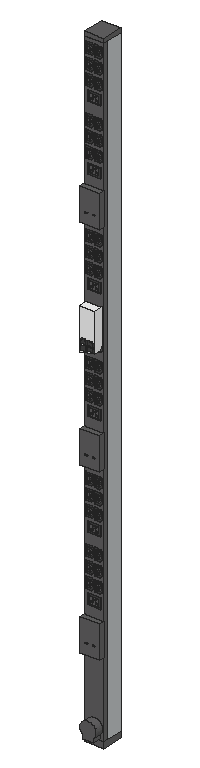
Revit family "PDU medido 0U", category Installations électriques, Revit 2020 (continued)
Definition of nested family "Metered PDU_Prises"
  Definition of nested family "Module A"
    Automatic sketch dimensions
      Extrusion 1 sketch curve to Extrusion 1 sketch curve = 0.264 mm
      Extrusion 1 to curve 1 = 3.249 mm
      Extrusion 1 to curve 1 = 32.408 mm
      curve 5 to curve 9 = 15.409 mm
      Extrusion 1 to curve 7 = 4.646 mm
      curve 1 to curve 7 = 15.409 mm
      curve 9 to curve 14 = 9.493 mm
      curve 7 to curve 13 = 9.493 mm
      curve 10 to curve 12 = 1.778 mm
      curve 14 to curve 17 = 1.778 mm
      curve 16 to curve 3 = 4.783 mm
      curve 1 to curve 6 = 1.577 mm
      curve 2 to curve 11 = 6.678 mm
      curve 10 to curve 13 = 5.334 mm
      curve 10 to curve 9 = 8.741 mm
      curve 8 to curve 14 = 5.106 mm
      curve 15 to curve 16 = 5.334 mm
      curve 1 to curve 6 = 1.566 mm
      curve 5 to curve 8 = 1.566 mm
      curve 7 to curve 8 = 3.535 mm
      curve 5 to curve 15 = 6.778 mm
      Extrusion 1 to curve 9 = 4.826 mm
      Extrusion 1 sketch curve to Extrusion 1 sketch curve = 86.676 mm
      Extrusion 1 to Extrusion 2 sketch curve = 9.747 mm
      Extrusion 1 to Extrusion 2 sketch curve = 29.367 mm
      Extrusion 2 sketch curve to Extrusion 2 sketch curve = 0 mm
      Extrusion 2 sketch curve to Extrusion 2 sketch curve = 1.778 mm  (x2)
      Extrusion 2 sketch curve to Extrusion 2 sketch curve = 5.334 mm  (x2)
      Extrusion 2 sketch curve to Extrusion 2 sketch curve = 13.848 mm
  Definition of nested family "Module C"
    Parameters (values of type "Module D")
      Largeur = 44.3 mm
      Default Elevation = 0 mm
    Reference planes
      plane 1 "Centre (avant/arrière)": y = 0
      plane 2: z = 0
      plane 3 "Centre (gauche/droite)": x = 0
      plane 4: x = -22.15
      plane 5: x = 22.15
      plane 6: x = 26
      plane 7: x = -26
      plane 8: z = 86.717
      plane 9: z = 23.202
      plane 10: z = 39.033
      plane 11: z = 52.875
      plane 12: z = 27.753
      plane 13: z = 29.531
      plane 14: z = 54.665
    Forms (mm)
      Extrusion 1, solid
        sketch origin (0, 0, 5.691) x (0, 1, 0) y (0, 0, 1)
          loop
            line (-15.1, 80.762) -> (-15.1, -5.428) -> (0, -5.691) -> (0, 81.026) -> (-15.1, 80.762)
        from -26 to 26
      Extrusion 2, solid
        sketch origin (4.012, -15.1, 94.848) x (0, 0, -1) y (1, 0, 0)
          loop
            line (65.318, -16.253) -> (67.095, -16.253) -> (67.095, -10.919) -> (65.318, -10.919) -> (65.318, -16.253)
          loop
            line (65.318, 2.928) -> (67.095, 2.928) -> (67.095, 8.262) -> (65.318, 8.262) -> (65.318, 2.928)
        from -0.7 to 0.3
    Lines and regions (mm)
      model lines
        curve 1: line (-19.081, -15.1, 54.665) -> (19.081, -15.1, 54.665)
        curve 2: line (-19.081, -15.1, 23.202) -> (-19.081, -15.1, 54.665)
        curve 3: line (19.081, -15.1, 23.202) -> (-19.081, -15.1, 23.202)
        curve 4: line (0, -15.1, 54.665) -> (0, -15.1, 23.202)
        curve 5: line (-16.892, -15.1, 52.875) -> (-16.892, -15.1, 39.033)
        curve 6: line (-1.892, -15.1, 39.033) -> (-16.892, -15.1, 39.033)
        curve 7: line (19.081, -15.1, 23.202) -> (19.081, -15.1, 54.665)
        curve 8: line (2.189, -15.1, 52.875) -> (2.189, -15.1, 39.033)
        curve 9: line (17.189, -15.1, 39.033) -> (2.189, -15.1, 39.033)
    Dimensions and locks
      equal spacing: plane 6, plane 3 "Centre (gauche/droite)", plane 7
      plane 7 to plane 6 = 52 mm
      aligned and locked: level to plane 2
      aligned and locked: Extrusion 1 to plane 6
      aligned and locked: Extrusion 1 to plane 7
    Automatic sketch dimensions
      Extrusion 1 sketch curve to plane 1 "Centre (avant/arrière)" = 0 mm
      level to Extrusion 1 sketch curve = 0 mm
      plane 1 "Centre (avant/arrière)" to Extrusion 1 sketch curve = 15.1 mm
      level to Extrusion 1 sketch curve = 0.264 mm
      Extrusion 1 sketch curve to Extrusion 1 sketch curve = 0.264 mm
      Extrusion 1 sketch curve to Extrusion 1 sketch curve = 86.19 mm
      Extrusion 1 to Extrusion 2 sketch curve = 13.759 mm
      Extrusion 1 to Extrusion 2 sketch curve = 29.267 mm
      Extrusion 2 sketch curve to Extrusion 2 sketch curve = 0 mm
      Extrusion 2 sketch curve to Extrusion 2 sketch curve = 1.778 mm  (x2)
      Extrusion 2 sketch curve to Extrusion 2 sketch curve = 5.334 mm  (x2)
      Extrusion 2 sketch curve to Extrusion 2 sketch curve = 13.848 mm
      Extrusion 1 to curve 1 = 6.919 mm
      Extrusion 1 to curve 1 = 31.789 mm
      curve 4 to curve 8 = 15.632 mm
      curve 1 to curve 5 = 15.632 mm
      Extrusion 1 to curve 3 = 6.919 mm
      curve 5 to curve 3 = 15.831 mm
      Extrusion 1 to curve 5 = 9.108 mm
      curve 5 to curve 8 = 19.081 mm
      curve 4 to curve 8 = 1.789 mm
      curve 1 to curve 5 = 1.789 mm
      curve 6 to curve 8 = 4.081 mm
      curve 4 to curve 8 = 2.189 mm
      Extrusion 1 to curve 9 = 8.811 mm
Definition of nested family "Alimentation"
  Parameters (values of type "Prise rectangulaire")
    Prise rotative = no
    Prise rectangulaire = yes
    Default Elevation = 0 mm
  Types (2, lengths in mm): name | Prise rotative | Prise rectangulaire
    Prise rotative | yes | no
    Prise rectangulaire | no | yes
  Reference planes
    plane 1 "Centre (avant/arrière)": y = 0
    plane 2: z = 0
    plane 3 "Centre (gauche/droite)": x = 0
    plane 4: x = -22.15
    plane 5: x = 22.15
  Forms (mm)
    Extrusion 1, solid, visible <- "Prise rectangulaire", detail levels fine
      sketch origin (0, 0, 0) x (1, 0, 0) y (0, 0, 1)
        loop
          line (-14.8, 50.167) -> (-14.8, 28.667) -> (14.8, 28.667) -> (14.8, 50.167) -> (-14.8, 50.167)
        loop
          line (3.95, 36.417) -> (3.95, 34.417) -> (8.95, 34.417) -> (8.95, 36.417) -> (3.95, 36.417)
        loop
          line (-3.05, 44.417) -> (-3.05, 42.417) -> (2.95, 42.417) -> (2.95, 44.417) -> (-3.05, 44.417)
        loop
          line (-3.95, 36.417) -> (-8.95, 36.417) -> (-8.95, 34.417) -> (-3.95, 34.417) -> (-3.95, 36.417)
      from 0 to 1
    Extrusion 2, solid, visible <- "Prise rotative"
      sketch origin (0, 0, 0) x (1, 0, 0) y (0, 0, 1)
        loop
          arc (14.384, 28.145) -> (0, 65.582) -> (-14.384, 28.145) r 21.482
          line (-14.384, 28.145) -> (-14.384, 18.1) -> (14.384, 18.1) -> (14.384, 28.145)
      from 0 to 21.1
  Lines and regions (mm)
    model lines, visible <- "Prise rectangulaire", detail levels fine
      curve 1: line (-18.15, 0, 52.917) -> (18.15, 0, 52.917)
      curve 2: line (-18.15, 0, 25.917) -> (-18.15, 0, 52.917)
      curve 3: line (-18.15, 0, 25.917) -> (18.15, 0, 25.917)
      curve 4: line (18.15, 0, 25.917) -> (18.15, 0, 52.917)
    model lines, visible <- "Prise rotative", detail levels fine
      curve 5: arc (11.549, -21.1, 29.46) -> (0, -21.1, 62.746) -> (-11.549, -21.1, 29.46) r 18.646
      curve 6: line (-11.549, -21.1, 29.46) -> (-11.549, -21.1, 18.1)
      curve 7: line (11.549, -21.1, 29.46) -> (11.549, -21.1, 18.1)
  Dimensions and locks
    plane 5 to plane 3 "Centre (gauche/droite)" to plane 4 = 22.15 mm, 22.15 mm
    plane 5 to plane 4 = 44.3 mm
    aligned and locked: level to plane 2
Definition of nested family "Base_Node"
  Parameters (values of type "Base HD")
    Node = no
    Default Elevation = 0 mm
    Base = yes
  Types (2, lengths in mm): name | Node | Base
    Base HD | no | yes
    Node HD | yes | no
  Reference planes
    plane 1 "Centre (avant/arrière)": y = 0
    plane 2: z = 0
    plane 3 "Centre (gauche/droite)": x = 0
    plane 4: x = -22.15
    plane 5: x = 22.15
    plane 6: x = 26
    plane 7: x = -26
    plane 8: z = 132
    plane 9: z = 125.964
    plane 10: z = 11.589
    plane 11: z = 21.233
    plane 12: z = 52.346
    plane 13: z = 68.828
    plane 14: z = 60.293
    plane 15: x = -20.475
    plane 16: x = 20.487
    plane 17: z = 71.128
    plane 18: z = 6.647
  Forms (mm)
    Extrusion 1, solid, visible <- "Node"
      sketch origin (0, 0, -1.235) x (1, 0, 0) y (0, 0, 1)
        loop
          line (-20.475, 125.964) -> (-20.475, 14.024) -> (20.488, 23.668) -> (20.487, 125.964) -> (-20.475, 125.964)
      from 0 to 24.5
    Extrusion 2, solid, visible <- "Node", detail levels fine
      sketch origin (-1.862, 0, -883.582) x (1, 0, 0) y (0, 0, 1)
        loop
          line (-14.958, 929.905) -> (-14.958, 921.277) -> (0.405, 921.277) -> (0.405, 929.905) -> (-3.595, 929.905) -> (-3.595, 933.74) -> (-10.958, 933.74) -> (-10.958, 929.905) -> (-14.958, 929.905)
        loop
          line (18.682, 929.905) -> (14.682, 929.905) -> (14.682, 933.74) -> (7.319, 933.74) -> (7.319, 929.905) -> (3.319, 929.905) -> (3.319, 921.277) -> (18.682, 921.277) -> (18.682, 929.905)
        loop
          line (-14.958, 917.057) -> (-14.958, 904.057) -> (-1.497, 904.057) -> (-1.497, 917.057) -> (-14.958, 917.057)
        loop
          line (3.319, 917.057) -> (3.319, 909.005) -> (18.682, 909.005) -> (18.682, 917.057) -> (3.319, 917.057)
      from 24.5 to 25.5
    Extrusion 3, solid, visible <- "Base", detail levels fine
      sketch origin (-1.868, 24.5, -874.832) x (1, 0, 0) y (0, 0, 1)
        loop
          line (-14.958, 929.905) -> (-14.958, 921.277) -> (0.405, 921.277) -> (0.405, 929.905) -> (-3.595, 929.905) -> (-3.595, 933.74) -> (-10.958, 933.74) -> (-10.958, 929.905) -> (-14.958, 929.905)
        loop
          line (18.682, 929.905) -> (14.682, 929.905) -> (14.682, 933.74) -> (7.319, 933.74) -> (7.319, 929.905) -> (3.319, 929.905) -> (3.319, 921.277) -> (18.682, 921.277) -> (18.682, 929.905)
        loop
          line (-4.848, 974.005) -> (-4.848, 957.988) -> (8.585, 957.988) -> (8.585, 974.005) -> (-4.848, 974.005)
      from 24.5 to 25.5
    Sweep 4, solid, detail levels fine
      path origin (0, -24.5, 3.191) x (1, 0, 0) y (0, 0, 1)
        loop
          line (-50.389, 4.547) -> (47.662, 27.63)
      profile origin (-1.363, -24.5, 19.28) x (-0.229156, 0, 0.97339) y (0, -1, 0)
        loop
          line (1.947, -18.498) -> (-1.938, -18.498)
          spline (-1.938, -18.498) -> (-1.987, -19.281) -> (-2.139, -20.051) -> (-2.39, -20.794) -> (-2.736, -21.499) -> (-3.17, -22.151) -> (-3.687, -22.742) -> (-4.277, -23.259) -> (-4.929, -23.696) -> (-5.633, -24.043) -> (-6.376, -24.295) -> (-7.146, -24.448) -> (-7.93, -24.5)
          line (-7.93, -24.5) -> (7.959, -24.5)
          spline (7.959, -24.5) -> (7.175, -24.449) -> (6.405, -24.295) -> (5.661, -24.043) -> (4.957, -23.696) -> (4.303, -23.259) -> (3.712, -22.742) -> (3.194, -22.151) -> (2.756, -21.499) -> (2.408, -20.794) -> (2.154, -20.051) -> (2, -19.281) -> (1.947, -18.498)
    Extrusion 5, void
      sketch origin (0, -24.5, -1.235) x (-1, 0, 0) y (0, 0, 1)
        loop
          line (55.039, 30.337) -> (20.575, 30.337) -> (20.575, -10.064) -> (55.039, -10.064) -> (55.039, 30.337)
        loop
          line (-20.587, 45.323) -> (-52.15, 45.323) -> (-52.15, 8.339) -> (-20.587, 8.339) -> (-20.587, 45.323)
      from 0 to 250
  Cuts and joins
    Extrusion 5 cuts Sweep 4
  Lines and regions (mm)
    Split face 1
      outline origin (0, -24.5, -1.235) x (1, 0, 0) y (0, 0, 1)
        loop
          line (-20.475, 68.828) -> (20.488, 68.828)
    Split face 2
      outline origin (0, -24.5, -1.235) x (1, 0, 0) y (0, 0, 1)
        loop
          line (-14.524, 119.945) -> (-14.524, 83.845) -> (14.476, 83.845) -> (14.476, 119.945) -> (-14.524, 119.945)
    model lines, detail levels fine
      curve 1: line (-20.475, 0, 125.964) -> (20.487, 0, 125.964)
      curve 2: line (-20.475, 0, 2.889) -> (-20.475, 0, 125.964)
      curve 3: line (20.487, 0, 125.964) -> (20.487, 0, 2.889)
      curve 4: line (20.487, 0, 2.889) -> (-20.475, 0, 2.889)
  Dimensions and locks
    equal spacing: plane 5, plane 3 "Centre (gauche/droite)", plane 4
    locked: plane 5 to plane 4 at 44.3
    equal spacing: plane 6, plane 3 "Centre (gauche/droite)", plane 7
    plane 7 to plane 6 = 52 mm
    plane 8 to plane 2 = 132 mm
    aligned and locked: level to plane 2
    aligned and locked: plane 16 to Extrusion 1
    aligned and locked: Extrusion 1 to plane 15
  Automatic sketch dimensions
    Extrusion 1 sketch curve to plane 9 = 1.235 mm
    plane 15 to Extrusion 2 sketch curve = 3.655 mm  (x2)
    Extrusion 2 sketch curve to plane 11 = 0.758 mm
    Extrusion 2 sketch curve to Extrusion 2 sketch curve = 4 mm
    Extrusion 2 sketch curve to plane 12 = 2.188 mm
    Extrusion 2 sketch curve to plane 3 "Centre (gauche/droite)" = 5.457 mm
    Extrusion 2 sketch curve to plane 3 "Centre (gauche/droite)" = 3.359 mm
    Extrusion 2 sketch curve to plane 3 "Centre (gauche/droite)" = 1.457 mm
    plane 3 "Centre (gauche/droite)" to Extrusion 2 sketch curve = 1.457 mm  (x2)
    Extrusion 2 sketch curve to plane 12 = 2.187 mm
    plane 3 "Centre (gauche/droite)" to Extrusion 2 sketch curve = 5.457 mm
    Extrusion 2 sketch curve to Extrusion 2 sketch curve = 7.362 mm
    Extrusion 2 sketch curve to plane 16 = 3.668 mm  (x2)
    plane 11 to Extrusion 2 sketch curve = 4.191 mm
    Extrusion 2 sketch curve to Extrusion 2 sketch curve = 8.052 mm
    Extrusion 2 sketch curve to Extrusion 2 sketch curve = 0 mm  (x2)
    Extrusion 2 sketch curve to Extrusion 2 sketch curve = 4.22 mm  (x2)
    Extrusion 2 sketch curve to Extrusion 2 sketch curve = 3.835 mm  (x3)
    Extrusion 1 to Split face 1 sketch curve = 0 mm
    Split face 1 sketch curve to Extrusion 1 = 0 mm
    Split face 1 sketch curve to Extrusion 1 = 57.137 mm
    plane 15 to Extrusion 3 sketch curve = 3.649 mm
    Extrusion 3 sketch curve to Extrusion 3 sketch curve = 4 mm
    Extrusion 3 sketch curve to plane 3 "Centre (gauche/droite)" = 6.716 mm
    Extrusion 3 sketch curve to plane 14 = 1.385 mm  (x2)
    Extrusion 3 sketch curve to plane 3 "Centre (gauche/droite)" = 5.463 mm
    Extrusion 3 sketch curve to plane 3 "Centre (gauche/droite)" = 1.463 mm
    plane 3 "Centre (gauche/droite)" to Extrusion 3 sketch curve = 1.451 mm
    plane 3 "Centre (gauche/droite)" to Extrusion 3 sketch curve = 5.451 mm
    plane 3 "Centre (gauche/droite)" to Extrusion 3 sketch curve = 6.716 mm
    Extrusion 3 sketch curve to Extrusion 3 sketch curve = 7.362 mm
    Extrusion 3 sketch curve to plane 16 = 3.674 mm
    plane 12 to Extrusion 3 sketch curve = 2.728 mm  (x4)
    Extrusion 3 sketch curve to plane 12 = 5.9 mm
    Extrusion 3 sketch curve to Extrusion 3 sketch curve = 0 mm
    Extrusion 3 sketch curve to plane 17 = 12.028 mm
    Extrusion 3 sketch curve to Extrusion 3 sketch curve = 16.017 mm
    Extrusion 1 to Sweep 4 sketch curve = 29.914 mm
    Extrusion 1 to Sweep 4 sketch curve = 27.175 mm
    Extrusion 5 sketch curve to Extrusion 1 = 31.662 mm
    Extrusion 5 sketch curve to Extrusion 1 = 0.1 mm  (x2)
    Extrusion 5 sketch curve to Extrusion 5 sketch curve = 34.464 mm
    Extrusion 1 to Extrusion 5 sketch curve = 136.028 mm
    Extrusion 5 sketch curve to Extrusion 5 sketch curve = 18.403 mm
    Extrusion 5 sketch curve to Extrusion 5 sketch curve = 40.401 mm
    Extrusion 5 sketch curve to Extrusion 5 sketch curve = 36.984 mm
    Split face 2 sketch curve to Extrusion 1 = 6.011 mm
    Split face 2 sketch curve to Extrusion 1 = 42.119 mm
    Split face 2 sketch curve to Extrusion 1 = 6.019 mm
    Split face 2 sketch curve to Extrusion 1 = 5.951 mm
    Sweep 4 sketch curve to profile plane = 18.498 mm
    profile plane to Sweep 4 sketch curve = 1.938 mm
    Sweep 4 sketch curve to Sweep 4 sketch curve = 3.885 mm
    Sweep 4 sketch curve to Sweep 4 sketch curve = 0.012 mm  (x2)
    Sweep 4 sketch curve to Sweep 4 sketch curve = 0 mm  (x2)
    Sweep 4 sketch curve to Sweep 4 sketch curve = 1.125 mm
    Sweep 4 sketch curve to Sweep 4 sketch curve = 5.999 mm
    Sweep 4 sketch curve to Sweep 4 sketch curve = 4.074 mm
    Sweep 4 sketch curve to Sweep 4 sketch curve = 0.002 mm
    Sweep 4 sketch curve to Sweep 4 sketch curve = 0.003 mm
    Sweep 4 sketch curve to Extrusion 1 = 116.991 mm
    Sweep 4 sketch curve to Extrusion 1 = 93.908 mm
    curve 4 to plane 15 = 0 mm
    curve 4 to plane 16 = 0 mm
    curve 2 to plane 9 = 0 mm
    level to curve 3 = 2.889 mm
    Extrusion 1 sketch curve to plane 15 = 0 mm
    plane 11 to Extrusion 1 sketch curve = 1.2 mm
    Extrusion 1 sketch curve to plane 16 = 0 mm
    plane 10 to Extrusion 1 sketch curve = 1.2 mm
Types (17, lengths in mm): name | Tipo de conexión eléctrica | Sección de cable MIN_MAX | Profundidad (mm) | Position base_node | Número de tomas C19 | Número de tomas C13 | Número de pieza Legrand | Número de fases | Número de disyuntores | Longitud | EAN | E-catalogo enlace | Description | Corriente de alimentación | Base_Node | Anchura (mm) | 646116_646117 | 646114_646115 | 646112_646113 | 646110_646111 | 646108_646109 | 646106_646107 | 646104_646105 | 646102_646103
  (no name) | "CEE 32 A" | "6-6" | 91.4 | 942.4 | 6 | 36 | "LG-646117" | 3 | 6 | 1710 | "3414972245791" | "https://www.legrand.fr/reference/646117/pro" | "PDU HD metered node 0U 3 phase 32A 36+6 C13/C19 locking outlets IEC 60309" | "32-32" | Base_Node : Node HD | 52 | yes | no | no | no | no | no | no | no
  PDU MB 0U 1P 16A 18xC13+4xC19 | "CEE 16 A" | "2.5-2.5" | 65.9 | 591 | 4 | 18 | "LG-646102" | 1 | 0 | 1113 | "3414972245814" | "https://www.legrand.fr/reference/646102/pro" | "PDU metered base 0U 1 phase 16A 18+4 C13/C19 locking outlets IEC 60309" | "16-16" | Base_Node : Base HD | 44.3 | no | no | no | no | no | no | no | yes
  PDU MN 0U 1P 16A 18xC13+4xC19 | "CEE 16 A" | "2.5-2.5" | 83.7 | 591 | 4 | 18 | "LG-646103" | 1 | 0 | 1113 | "3414972245876" | "https://www.legrand.fr/reference/646103/pro" | "PDU metered node 0U 1 phase 16A 18+4 C13/C19 locking outlets IEC 60309" | "16-16" | Base_Node : Node HD | 44.3 | no | no | no | no | no | no | no | yes
  PDU MB 0U 1P 32A 20xC13+4xC19 | "CEE 32 A" | "6-6" | 65.9 | 747.7 | 4 | 20 | "LG-646104" | 1 | 2 | 1317 | "3414972245838" | "https://www.legrand.fr/reference/646104/pro" | "PDU metered base 0U 1 phase 32A 20+4 C13/C19 locking outlets IEC 60309" | "32-32" | Base_Node : Base HD | 44.3 | no | no | no | no | no | no | yes | no
  PDU MN 0U 1P 32A 20xC13+4xC19 | "CEE 32 A" | "6-6" | 83.7 | 747.7 | 4 | 20 | "LG-646105" | 1 | 2 | 1317 | "3414972245890" | "https://www.legrand.fr/reference/646105/pro" | "PDU metered node 0U 1 phase 32A 20+4 C13/C19 locking outlets IEC 60309" | "32-32" | Base_Node : Node HD | 44.3 | no | no | no | no | no | no | yes | no
  PDU MB 0U 1P 32A 24xC13+12xC19 | "CEE 32 A" | "6-6" | 73.4 | 816.8 | 12 | 24 | "LG-646106" | 1 | 2 | 1458 | "3414972245579" | "https://www.legrand.fr/reference/646106/pro" | "PDU HD metered base 0U 1 phase 32A 24+12 C13/C19 locking outlets IEC 60309" | "32-32" | Base_Node : Base HD | 52 | no | no | no | no | no | yes | no | no
  PDU MN 0U 1P 32A 24xC13+12xC19 | "CEE 32 A" | "6-6" | 91.4 | 816.8 | 12 | 24 | "LG-646107" | 1 | 2 | 1458 | "3414972245692" | "https://www.legrand.fr/reference/646107/pro" | "PDU HD metered node 0U 1 phase 32A 24+12 C13/C19 locking outlets IEC 60309" | "32-32" | Base_Node : Node HD | 52 | no | no | no | no | no | yes | no | no
  PDU MB 0U 1P 32A 36xC13+6xC19 | "CEE 32 A" | "6-6" | 73.4 | 807.6 | 6 | 36 | "LG-646108" | 1 | 2 | 1440 | "3414972245593" | "https://www.legrand.fr/reference/646108/pro" | "PDU HD metered base 0U 1 phase 32A 36+6 C13/C19 locking outlets IEC 60309" | "32-32" | Base_Node : Base HD | 52 | no | no | no | no | yes | no | no | no
  PDU MN 0U 1P 32A 36xC13+6xC19 | "CEE 32 A" | "6-6" | 91.4 | 807.6 | 6 | 36 | "LG-646109" | 1 | 2 | 1440 | "3414972245715" | "https://www.legrand.fr/reference/646109/pro" | "PDU HD metered node 0U 1 phase 32A 36+6 C13/C19 locking outlets IEC 60309" | "32-32" | Base_Node : Node HD | 52 | no | no | no | no | yes | no | no | no
  PDU MB 0U 3P 16A 36xC13+6xC19 | "CEE 16 A" | "2.5-2.5" | 73.4 | 877.2 | 6 | 36 | "LG-646110" | 3 | 0 | 1350 | "3414972245616" | "https://www.legrand.fr/reference/646110/pro" | "PDU HD metered base 0U 3 phase 16A 36+6 C13/C19 locking outlets IEC 60309" | "16-16" | Base_Node : Base HD | 52 | no | no | no | yes | no | no | no | no
  PDU MN 0U 3P 16A 36xC13+6xC19 | "CEE 16 A" | "2.5-2.5" | 91.4 | 877.2 | 6 | 36 | "LG-646111" | 3 | 0 | 1350 | "3414972245739" | "https://www.legrand.fr/reference/646111/pro" | "PDU HD metered node 0U 3 phase 16A 36+6 C13/C19 locking outlets IEC 60309" | "16-16" | Base_Node : Node HD | 52 | no | no | no | yes | no | no | no | no
  PDU MB 0U 3P 32A 24xC13+12xC19 | "CEE 32 A" | "6-6" | 73.4 | 952 | 12 | 24 | "LG-646112" | 3 | 6 | 1728 | "3414972245630" | "https://www.legrand.fr/reference/646112/pro" | "PDU HD metered base 0U 3 phase 32A 24+12 C13/C19 locking outlets IEC 60309" | "32-32" | Base_Node : Base HD | 52 | no | no | yes | no | no | no | no | no
  PDU MN 0U 3P 32A 24xC13+12xC19 | "CEE 32 A" | "6-6" | 91.4 | 952 | 12 | 24 | "LG-646113" | 3 | 6 | 1728 | "3414972245753" | "https://www.legrand.fr/reference/646113/pro" | "PDU HD metered node 0U 3 phase 32A 24+12 C13/C19 locking outlets IEC 60309" | "32-32" | Base_Node : Node HD | 52 | no | no | yes | no | no | no | no | no
  PDU MB 0U 3P 32A 36xC13+12xC19 | "CEE 32 A" | "6-6" | 73.4 | 1068.3 | 12 | 36 | "LG-646114" | 3 | 6 | 1962 | "3414972245654" | "https://www.legrand.fr/reference/646114/pro" | "PDU HD metered base 0U 3 phase 32A 36+12 C13/C19 locking out. IEC 60309" | "32-32" | Base_Node : Base HD | 52 | no | yes | no | no | no | no | no | no
  PDU MN 0U 3P 32A 36xC13+12xC19 | "CEE 32 A" | "6-6" | 91.4 | 1068.3 | 12 | 36 | "LG-646115" | 3 | 6 | 1962 | "3414972245777" | "https://www.legrand.fr/reference/646115/pro" | "PDU HD metered node 0U 3 phase 32A 36+12 C13/C19 locking out. IEC 60309" | "32-32" | Base_Node : Node HD | 52 | no | yes | no | no | no | no | no | no
  PDU MB 0U 3P 32A 36xC13+6xC19 | "CEE 32 A" | "6-6" | 73.4 | 942.4 | 6 | 36 | "LG-646116" | 3 | 6 | 1710 | "3414972245678" | "https://www.legrand.fr/reference/646116/pro" | "PDU HD metered base 0U 3 phase 32A 36+6 C13/C19 locking outlets IEC 60309" | "32-32" | Base_Node : Base HD | 52 | yes | no | no | no | no | no | no | no
  PDU MN 0U 3P 32A 36xC13+6xC19 | "CEE 32 A" | "6-6" | 91.4 | 942.4 | 6 | 36 | "LG-646117" | 3 | 6 | 1710 | "3414972245791" | "https://www.legrand.fr/reference/646117/pro" | "PDU HD metered node 0U 3 phase 32A 36+6 C13/C19 locking outlets IEC 60309" | "32-32" | Base_Node : Node HD | 52 | yes | no | no | no | no | no | no | no
